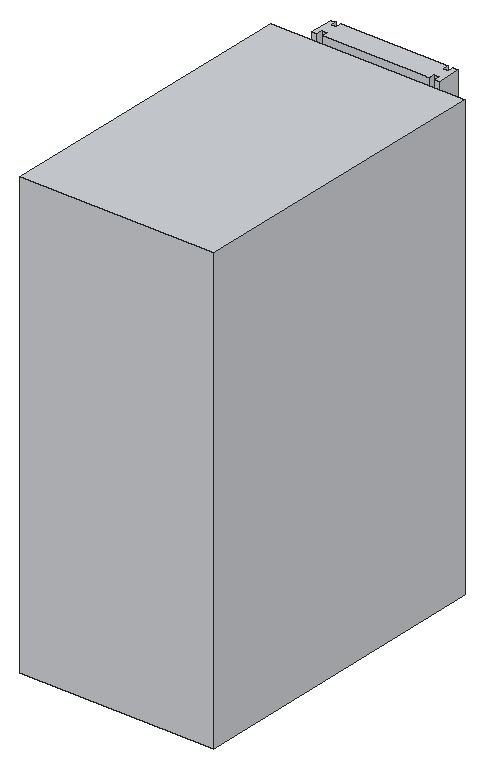
Revit family "ElevatorCart", category Vertical Circulation, Revit 2026
Family settings
  Round Connector Dimension = Use Diameter
  Part Type = Normal
  Enable Cutting in Views = Yes
  Always vertical = Yes
  Cut with Voids When Loaded = No
  Maintain Annotation Orientation = Yes
  Shared = No
  Room Calculation Point = No
Parameters (values of type "Emergency")
  is_counter_rear [instance] = yes
  Width = 6' - 4"
  WallGap = 1' - 2"
  SideGap = 0' - 7"  # constant formula
  ShowGuide = 2 < 1  # no
  ShowCounter_Side [instance] = not(is_counter_rear)  # no
  ShowCounter_Rear [instance] = is_counter_rear  # yes
  FTF [instance] = 14' - 6"
  ElevatorNote = "ED"
  Depth = 10' - 3"
  Default Elevation = 0' - 0"
  Cost = 1
Types (11): name | Width | WallGap | ElevatorNote | Depth
  Emergency | 6' - 4" | 1' - 2" | "ED" | 10' - 3"
  Patient | 7' - 6" | 0' - 8" | "PT" | 10' - 0"
  Visitor | 8' - 0" | 1' - 0" | "V" | 6' - 4"
  Service(SPD) | 6' - 0" | 0' - 7 3/4" | "SPD" | 10' - 7"
  Service(SPC) | 6' - 0" | 0' - 7 3/4" | "SPC" | 10' - 7"
  Service(KT) | 8' - 0" | 0' - 6 1/4" | "KT" | 7' - 2"
  Robot | 5' - 10" | 0' - 8" | "AGV" | 10' - 0"
  Service(ST) | 6' - 0" | 0' - 7 3/4" | "ST" | 10' - 0"
  Service (SC) | 8' - 0" | 0' - 6 1/4" | "SC" | 7' - 2"
  Service (S) | 7' - 8" | 0' - 8" | "S" | 10' - 0"
  Patient Trauma | 10' - 4" | 0' - 8" | "T" | 11' - 0"
Reference planes (in)
  plane 1 "Center (Front/Back)": y = 0
  plane 2: z = 0
  plane 3 "Center (Left/Right)": x = 0
  plane 4: y = 14
  plane 5: y = 137
  plane 6: x = -38
  plane 7: x = 38
  plane 8: y = 75.5
  plane 9: x = -45
  plane 10: x = 45
Forms (in)
  Extrusion 1, solid
    sketch origin (0, 0, 0) x (1, 0, 0) y (0, 1, 0)
      loop
        line (-38, 137) -> (-38, 14) -> (38, 14) -> (38, 137) -> (-38, 137)
    from 0 to 174 <- "FTF"
Lines and regions (in)
  symbolic lines, style "Anno"
    curve 1: line (-38, 14, 0) -> (38, 137, 0)
    curve 2: line (-38, 137, 0) -> (38, 14, 0)
  symbolic lines, visible <- "ShowGuide"
    curve 3: line (-45, 137, 0) -> (-45, 0, 0)
    curve 4: line (-45, 0, 0) -> (45, 0, 0)
    curve 5: line (45, 0, 0) -> (45, 137, 0)
Dimensions and locks (in)
  equal spacing: plane 6, plane 3 "Center (Left/Right)", plane 7
  "Depth": plane 5 to plane 4
  "Width": plane 6 to plane 7
  equal spacing: plane 5, plane 8, plane 4
  "FTF": level to level
  "WallGap": plane 1 "Center (Front/Back)" to plane 4
  "SideGap": plane 9 to plane 6
  "SideGap": plane 7 to plane 10
  aligned and locked: plane 2 to level
  aligned and locked: Extrusion 1 sketch curve to plane 5
  aligned and locked: plane 6 to Extrusion 1 sketch curve
  aligned and locked: plane 4 to Extrusion 1 sketch curve
  aligned and locked: Extrusion 1 sketch curve to plane 7
  aligned and locked: plane 3 "Center (Left/Right)" to nested 1
  aligned and locked: nested 1 to plane 8
  aligned and locked: plane 5 to curve 5
  aligned and locked: plane 5 to curve 3
  aligned and locked: curve 3 to plane 9
  aligned and locked: plane 10 to curve 5
  aligned and locked: plane 8 to nested 3
  aligned and locked: plane 3 "Center (Left/Right)" to nested 2
  aligned and locked: nested 2 to plane 5
  aligned and locked: plane 6 to nested 3
Automatic sketch dimensions
  curve 1 to plane 4 = 0' - 0"
  curve 1 to plane 6 = 0' - 0"
  curve 2 to plane 5 = 0' - 0"
  curve 2 to plane 6 = 0' - 0"
  curve 1 to plane 5 = 0' - 0"
  curve 1 to plane 7 = 0' - 0"
  curve 2 to plane 4 = 0' - 0"
  curve 2 to plane 7 = 0' - 0"
  plane 1 "Center (Front/Back)" to curve 5 = 0' - 0"
Nested families (in)
  nested 1: "ElevatorNote" at (0, 75.5, 0), Note <- "ElevatorNote", type "ElevatorNote"
    with Note "ED"
  nested 2: "CounterWeight" at (0, 137, 0), h <- "FTF", visible <- "ShowCounter_Rear", type "CounterWeight"
    with h 14' - 6"
  nested 3: "CounterWeight" at (-38, 75.5, 0) x (0, 1, 0) z (0, 0, 1), h <- "FTF", visible <- "ShowCounter_Side", type "CounterWeight"
    with h 14' - 6"
Definition of nested family "CounterWeight"
  Parameters (values of type "CounterWeight")
    x = 0' - 2"  # constant formula
    w = 3' - 6"  # constant formula
    h [instance] = 1' - 0"
    d = 0' - 9"  # constant formula
    Default Elevation = 0' - 0"
  Reference planes (in)
    plane 1 "Center (Front/Back)": y = 0
    plane 2: z = 0
    plane 3 "Center (Left/Right)": x = 0
  Forms (in)
    Extrusion 1, solid
      sketch origin (0, 0, 0) x (1, 0, 0) y (0, 1, 0)
        loop
          line (-21, 13) -> (-21, 11) -> (-23, 11) -> (-23, 13) -> (-25, 13) -> (-25, 4) -> (-23, 4) -> (-23, 6) -> (-21, 6) -> (-21, 4) -> (21, 4) -> (21, 6) -> (23, 6) -> (23, 4) -> (25, 4) -> (25, 13) -> (23, 13) -> (23, 11) -> (21, 11) -> (21, 13) -> (-21, 13)
      from 0 to 12 <- "h"
  Dimensions and locks (in)
    plane 1 "Center (Front/Back)" to Extrusion 1 sketch curve = 0' - 4"
    "d": Extrusion 1 sketch curve to Extrusion 1 sketch curve
    "w": Extrusion 1 sketch curve to Extrusion 1 sketch curve
    equal spacing: Extrusion 1 sketch curve, plane 3 "Center (Left/Right)", Extrusion 1 sketch curve
    "x": Extrusion 1 sketch curve to Extrusion 1 sketch curve to Extrusion 1 sketch curve  (x2)
    "x": Extrusion 1 sketch curve to Extrusion 1 sketch curve  (x4)
    aligned and locked: plane 2 to level
    aligned and locked: Extrusion 1 sketch curve to Extrusion 1 sketch curve  (x8)
Definition of nested family "ElevatorNote"
  Parameters (values of type "ElevatorNote")
    Note [instance] = ""
  Reference planes (in)
    plane 1: y = 0
    plane 2: x = 0
  Text (in)
    label "xxx" at (0.00145, 0.01171, 0), shows "Note"
